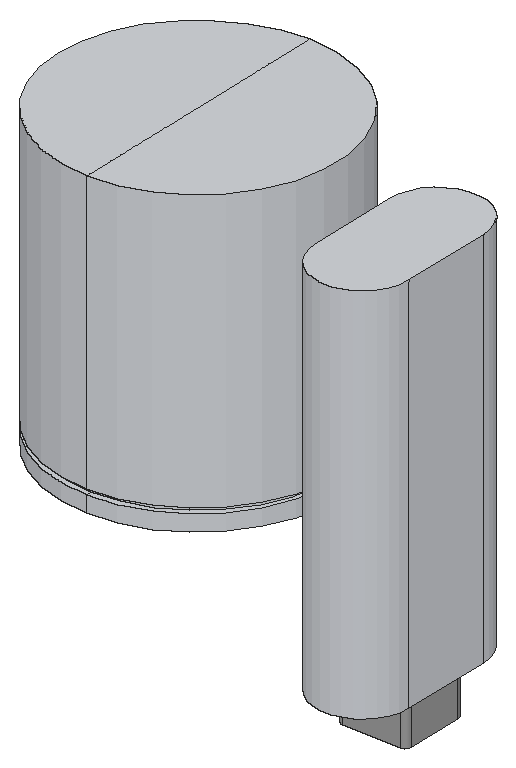
Revit family "Alcon-13303-MD_FAMILY_", category Generic Models, host Face, Revit 2025
Family settings
  Host = Face
  Can host rebar = No
  Round Connector Dimension = Use Diameter
  Part Type = Normal
  Cut with Voids When Loaded = No
  Maintain Annotation Orientation = No
  Shared = No
  Room Calculation Point = No
Parameters
  URL = "https://www.alconlighting.com/?srsltid=AfmBOooDPhGQ0dEP-X2PMtxFfvvWpIAEL4jCll_O2F4_to5onvhnBomy"
  Product Page URL = "https://www.alconlighting.com/13303-md.html"
  Model = "13303-MD"
  Manufacturer = "ALCON Lighting"
  Fixture Rotation = 90.00°
  Default Elevation = 4' - 0"
  Body = Default
Reference planes (in)
  plane 1 "Center (Front/Back)": y = 0
  plane 2: z = 0
  plane 3 "Center (Left/Right)": x = 0
Forms (in)
  Extrusion 1, solid, material "Default" <- "Body"
    sketch origin (2.16752, 0, 0.5) x (0, 1, 0) y (1, 0, 0)
      loop
        arc (-0.375, -0.3125) -> (-0.35669, -0.35669) -> (-0.3125, -0.375) r 0.0625
        line (-0.3125, -0.375) -> (0.3125, -0.375)
        arc (0.3125, -0.375) -> (0.35669, -0.35669) -> (0.375, -0.3125) r 0.0625
        line (0.375, -0.3125) -> (0.375, 0.3125)
        arc (0.375, 0.3125) -> (0.35669, 0.35669) -> (0.3125, 0.375) r 0.0625
        line (0.3125, 0.375) -> (-0.3125, 0.375)
        arc (-0.3125, 0.375) -> (-0.35669, 0.35669) -> (-0.375, 0.3125) r 0.0625
        line (-0.375, 0.3125) -> (-0.375, -0.3125)
    from 0 to 0.5
  Extrusion 2, solid
    sketch origin (2.16752, 0, 0.5) x (0, 1, 0) y (-1, 0, 0)
      loop
        arc (0.5, -0.5) -> (1, 0) -> (0.5, 0.5) r 0.5
        line (0.5, 0.5) -> (-0.5, 0.5)
        arc (-0.5, 0.5) -> (-1, 0) -> (-0.5, -0.5) r 0.5
        line (-0.5, -0.5) -> (0.5, -0.5)
    from 0 to 4.125
Lines and regions (in)
  reference lines
    curve 1: line (0, 5.875, 4) -> (0, -5.875, 4)
Dimensions and locks (in)
  "Fixture Rotation": angle nested 1 to curve 1
  aligned and locked: plane 2 to host face
  aligned and locked: level to host face
Automatic sketch dimensions
  host sketch curve to host sketch curve = 8' - 0"  (x2)
  plane 1 "Center (Front/Back)" to Extrusion 1 sketch curve = 0' - 0 3/8"
  Extrusion 1 sketch curve to Extrusion 1 sketch curve = 0' - 0 1/16"  (x3)
  Extrusion 1 sketch curve to plane 1 "Center (Front/Back)" = 0' - 0 5/16"  (x2)
  plane 3 "Center (Left/Right)" to Extrusion 1 sketch curve = 0' - 2.54252"
  Extrusion 1 sketch curve to Extrusion 1 sketch curve = 0' - 0 5/8"
  plane 1 "Center (Front/Back)" to curve 1 = 0' - 5 7/8"
  level to curve 1 = 0' - 4"
  curve 1 to plane 1 "Center (Front/Back)" = 0' - 5 7/8"
  Extrusion 1 to Extrusion 2 sketch curve = 0' - 0 1/8"  (x3)
  Extrusion 2 sketch curve to Extrusion 1 = 0' - 0 3/8"
Nested families (in)
  nested 1: "Alcon-13303-MD_CAN_" at (0, 0, 4) x (0, 0, 1) z (-1, 0, 0), type "Alcon-13303-MD_CAN_"
    with built-in parameter 1001306 0.14583 (stored number, unit not read)
Definition of nested family "Alcon-13303-MD_CAN_"
  Parameters (values of type "Alcon-13303-MD_CAN_")
    Wattage = 9.2903 W
    built-in parameter 1150110 = 1 (stored number, unit not read)
    built-in parameter 1114217 = 1 (stored number, unit not read)
    Tilt Angle = 60.00°
    built-in parameter 1150109 = 1 (stored number, unit not read)
    built-in parameter 1150134 = 3
    built-in parameter 1150113 = 1 (stored number, unit not read)
    built-in parameter 1010507 = 1.5708 (stored number, unit not read)
    built-in parameter 1010506 = 0.5236 (stored number, unit not read)
    built-in parameter 1150105 = 4614.1 (stored number, unit not read)
    Lumens = 1380 lm
    built-in parameter 1150115 = 1 (stored number, unit not read)
    Light Source Symbol Length = 10' - 0"
    built-in parameter 1150137 = (empty or 0)
    built-in parameter 1150139 = (empty or 0)
    built-in parameter 1001306 [instance] = 4' - 0"
    built-in parameter 1150112 = 1 (stored number, unit not read)
    built-in parameter 1150114 = 1 (stored number, unit not read)
    built-in parameter 1150132 = (empty or 0)
    built-in parameter 1150102 = (empty or 0)
    built-in parameter 1150107 = 3200 (stored number, unit not read)
    built-in parameter 1150138 = (empty or 0)
    built-in parameter 1150106 = 46.141 (stored number, unit not read)
    Glass Lens = none
    built-in parameter 1150104 = 13.8 (stored number, unit not read)
    Dimming Lamp Color Temperature Shift = (empty or 0)
    Default Elevation = 0' - 0"
    Color Filter = 16777215
    built-in parameter 1114218 = 1 (stored number, unit not read)
    built-in parameter 1150133 = 10 (stored number, unit not read)
  Reference planes (in)
    plane 1 "Center (Front/Back)": y = 0
    plane 2: z = 0
    plane 3 "Left": x = 0
    plane 4 "Right": x = 48
  Forms (in)
    Revolve 1, solid
      sketch origin (1.13196, 0, 0) x (0, 1, 0) y (-1, 0, 0)
        loop
          line (1.5, 0) -> (1.5, 3.01424) -> (1.44119, 3.01424) -> (1.44119, 3.07055) -> (1.5, 3.07055) -> (1.5, 3.25) -> (1.4055, 3.25) -> (1.4055, 0.18121) -> (0, 0.18121) -> (0, 0) -> (1.5, 0)
        axis (0, 0) -> (0, 3.25)
      angle from 0 to 360
    Extrusion 2, solid, material <- "Glass Lens"
      sketch origin (-1.9882, 1.17, 0) x (0, -1, 0) y (0, 0, -1)
        loop
          circle (1.17, 0) r 1.4055
      from 0 to 0.10592
    Extrusion 3, solid
      sketch origin (0, 0, -0.36802) x (0, -1, 0) y (1, 0, 0)
        loop
          circle (0, 0) r 0.35188
      from -1.2995 to -1.07317
  Lines and regions (in)
    reference lines
      curve 1: line (0, 0, 0) -> (48, 0, 0)
    model lines
      curve 2: line (0, 0, 0) -> (-6.37585, 0, 0)
  Dimensions and locks (in)
    "built-in parameter 1001306": plane 3 "Left" to plane 4 "Right"
    aligned and locked: plane 4 "Right" to curve 1
    aligned and locked: plane 1 "Center (Front/Back)" to curve 1
    aligned and locked: plane 3 "Left" to curve 1
    aligned and locked: level to plane 2
  Automatic sketch dimensions
    curve 2 to level = 0' - 0"
    curve 2 to plane 3 "Left" = 0' - 0"
    curve 2 to plane 3 "Left" = 0' - 6.37585"
    plane 1 "Center (Front/Back)" to Extrusion 3 sketch curve = 0' - 0"
    Extrusion 3 sketch curve to plane 3 "Left" = 0' - 0"
    plane 1 "Center (Front/Back)" to Revolve 1 sketch curve = 0' - 0"  (x2)
    plane 3 "Left" to Revolve 1 sketch curve = 0' - 0.95075"
    Revolve 1 sketch curve to plane 1 "Center (Front/Back)" = 0' - 1.4055"
    Revolve 1 sketch curve to Revolve 1 sketch curve = 0' - 0.0357"
    Revolve 1 sketch curve to Revolve 1 sketch curve = 0' - 0.05881"
    Revolve 1 sketch curve to Revolve 1 sketch curve = 0' - 0.0945"
    Revolve 1 sketch curve to Revolve 1 sketch curve = 0' - 0.18121"
    Revolve 1 sketch curve to plane 3 "Left" = 0' - 1.88228"
    Revolve 1 sketch curve to Revolve 1 sketch curve = 0' - 0.05632"
    Revolve 1 sketch curve to Revolve 1 sketch curve = 0' - 0.17945"
    plane 3 "Left" to Revolve 1 sketch curve = 0' - 0.14309"
    Revolve 1 sketch curve to Revolve 1 sketch curve = 0' - 0.68048"
    Extrusion 2 sketch curve to level = 0' - 0"
    Extrusion 2 sketch curve to Extrusion 2 sketch curve = 0' - 0"
    Extrusion 2 sketch curve to plane 1 "Center (Front/Back)" = 0' - 0"
    Extrusion 2 sketch curve to Extrusion 2 sketch curve = 0' - 1.4055"
    radius of Extrusion 3 sketch curve = 0' - 0.35188"
